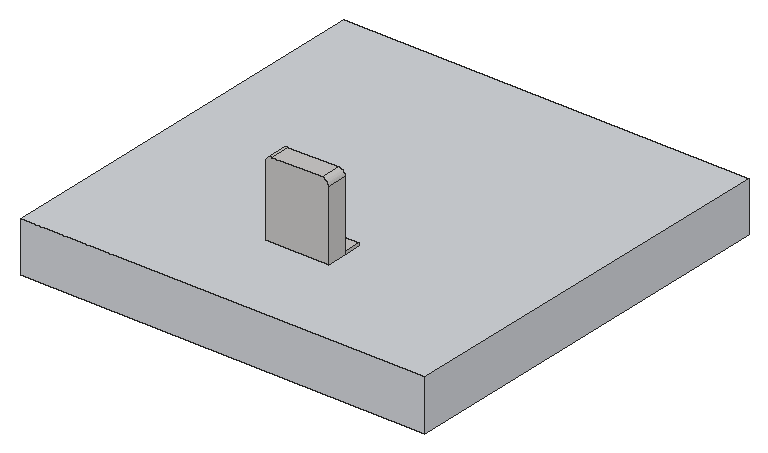
Revit family
Parameters (values of type "1672-ADA-1")
  Waste Connection = yes
  Vent Connection = no
  VAC-Acorn Vac System = no
  URL = "http://www.acornengineering.com"
  Type Comments = ""
  TG-12 gauge (2.77mm) cabinet = no
  TF-Transformer for up to 12 solenoids = no
  SW-Wall sleeve = no
  PBH-Hemispherical pushbutton = no
  Model = "1672-ADA-1"
  Manufacturer = "Acorn Engineering"
  MVC1-Time-Trol - Single Temp = no
  MVC1-BAT-Time-Trol - Single Temp with Battery Operation = no
  MT- Metal Template (only 1 required per project) = no
  MA-Manifolded Air Control Valve (2, 3, 4) = no
  LWE-Lavy waste 3" (76mm) standard extension (specify length beyond fixture) = no
  LW1-Lavy through wall-extension with P-trap = no
  HW Connection = yes
  FP-Freeze resistant box = no
  FMT-Fixture mounted trim = no
  EVSP1- Electronic Valve Sys. w/ Piezo Pushbutton = no
  EVS1-Electronic Valve System - Single Temp = no
  EG-Enviro-Glaze Colours (standard colour as selected) = no
  Designed By = "ATS BIM Team"
  Description = "Drinking Fountain-ADA Compliant"
  Default Elevation = 4' - 0"
  Copyrighted By = "ATS"
  CW Connection = yes
  BPH-Hemispherical penal bubbler = no
  BP-Bubbler, penal = no
  BC-Bubbler, code = no
  1-Off-Floor, Wall outlet = yes
  09-Punched for Valve by Others (Specify Punching) = no
  03-Air-Control, Single Temp, Non-Metering = no
Reference planes (in)
  plane 1 "Center (Front/Back)": y = 0
  plane 2: z = 0
  plane 3 "Center (Left/Right)": x = 0
  plane 4: y = -48
  plane 5: y = -21
Forms (in)
  Extrusion 1, solid
    sketch origin (0, 0, 0) x (1, 0, 0) y (0, 1, 0)
      loop
        line (-48, 48) -> (-48, -48) -> (48, -48) -> (48, 48) -> (-48, 48)
    from 0 to -12
  Extrusion 2, solid, material "14 gage, type 304 stainless steel"
    sketch origin (0, -25.875, 0) x (1, 0, 0) y (0, 0, -1)
      loop
        line (7.5, 0) -> (-7.5, 0) -> (-7.5, -16.5)
        arc (-7.5, -16.5) -> (-7.06066, -17.56066) -> (-6, -18) r 1.5
        line (-6, -18) -> (6, -18)
        arc (6, -18) -> (7.06066, -17.56066) -> (7.5, -16.5) r 1.5
        line (7.5, -16.5) -> (7.5, 0)
    from 0 to 4.875
  Extrusion 3, solid, material "14 gage, type 304 stainless steel"
    sketch origin (0, -21, 0) x (1, 0, 0) y (0, 0, -1)
      loop
        line (-7.5, 0) -> (-7.5, -0.62362) -> (7.5, -0.62362) -> (7.5, 0) -> (-7.5, 0)
    from 0 to 4
  Blend 4, void
    base sketch origin (0, -25.875, 0) x (1, 0, 0) y (0, 0, -1)
      loop
        line (0, -16.37362) -> (3.58579, -16.37362)
        arc (3.58579, -16.37362) -> (3.96847, -16.2975) -> (4.29289, -16.08072) r 1
        line (4.29289, -16.08072) -> (4.97487, -15.39874)
        arc (4.97487, -15.39874) -> (5.30003, -14.91211) -> (5.41421, -14.33808) r 1.5
        line (5.41421, -14.33808) -> (5.41421, -13.16651)
        arc (5.41421, -13.16651) -> (5.37615, -12.97517) -> (5.26777, -12.81296) r 0.5
        line (5.26777, -12.81296) -> (3.23223, -10.77742)
        arc (3.23223, -10.77742) -> (2.90781, -10.56065) -> (2.52513, -10.48453) r 1
        line (2.52513, -10.48453) -> (0, -10.48453) -> (-2.52513, -10.48453)
        arc (-2.52513, -10.48453) -> (-2.90781, -10.56065) -> (-3.23223, -10.77742) r 1
        line (-3.23223, -10.77742) -> (-5.26777, -12.81296)
        arc (-5.26777, -12.81296) -> (-5.37615, -12.97517) -> (-5.41421, -13.16651) r 0.5
        line (-5.41421, -13.16651) -> (-5.41421, -14.33808)
        arc (-5.41421, -14.33808) -> (-5.30003, -14.91211) -> (-4.97487, -15.39874) r 1.5
        line (-4.97487, -15.39874) -> (-4.29289, -16.08072)
        arc (-4.29289, -16.08072) -> (-3.96847, -16.2975) -> (-3.58579, -16.37362) r 1
        line (-3.58579, -16.37362) -> (0, -16.37362)
    top sketch origin (0, -25.875, 0) x (1, 0, 0) y (0, 0, -1)
      loop
        arc (-2.52513, -10.10953) -> (-3.05132, -10.21419) -> (-3.4974, -10.51226) r 1.375
        line (-3.4974, -10.51226) -> (-5.53293, -12.54779)
        arc (-5.53293, -12.54779) -> (-5.72261, -12.83166) -> (-5.78921, -13.16651) r 0.875
        line (-5.78921, -13.16651) -> (-5.78921, -14.33808)
        arc (-5.78921, -14.33808) -> (-5.64649, -15.05561) -> (-5.24004, -15.66391) r 1.875
        line (-5.24004, -15.66391) -> (-4.55806, -16.34589)
        arc (-4.55806, -16.34589) -> (-4.11198, -16.64395) -> (-3.58579, -16.74862) r 1.375
        line (-3.58579, -16.74862) -> (0, -16.74862) -> (3.58579, -16.74862)
        arc (3.58579, -16.74862) -> (4.11198, -16.64395) -> (4.55806, -16.34589) r 1.375
        line (4.55806, -16.34589) -> (5.24004, -15.66391)
        arc (5.24004, -15.66391) -> (5.64649, -15.05561) -> (5.78921, -14.33808) r 1.875
        line (5.78921, -14.33808) -> (5.78921, -13.16651)
        arc (5.78921, -13.16651) -> (5.72261, -12.83166) -> (5.53293, -12.54779) r 0.875
        line (5.53293, -12.54779) -> (3.4974, -10.51226)
        arc (3.4974, -10.51226) -> (3.05132, -10.21419) -> (2.52513, -10.10953) r 1.375
        line (2.52513, -10.10953) -> (0, -10.10953) -> (-2.52513, -10.10953)
    from 3.58492 to 4.875
  Extrusion 5, void
    sketch origin (0, -25.875, 0) x (1, 0, 0) y (0, 0, -1)
      loop
        circle (0, -13.56034) r 0.5
    from 2.29346 to 4
  Extrusion 6, void
    sketch origin (0, -25.875, 0) x (1, 0, 0) y (0, 0, -1)
      loop
        circle (5.33655, -16.3799) r 0.75
    from 4.66484 to 4.875
  Extrusion 7, solid
    sketch origin (0, -52.875, -6) x (1, 0, 0) y (0, 1, 0)
      loop
        circle (0, 28.75119) r 0.75
    from 3 to 6
Cuts and joins
  Blend 4, Extrusion 5, Extrusion 6 cuts Extrusion 2
Dimensions and locks (in)
  aligned and locked: plane 2 to Extrusion 1
  aligned and locked: level to Extrusion 1
Connectors (in)
  piping at (0, -24.12381, -3)
    settings: on Extrusion 7, index 2
